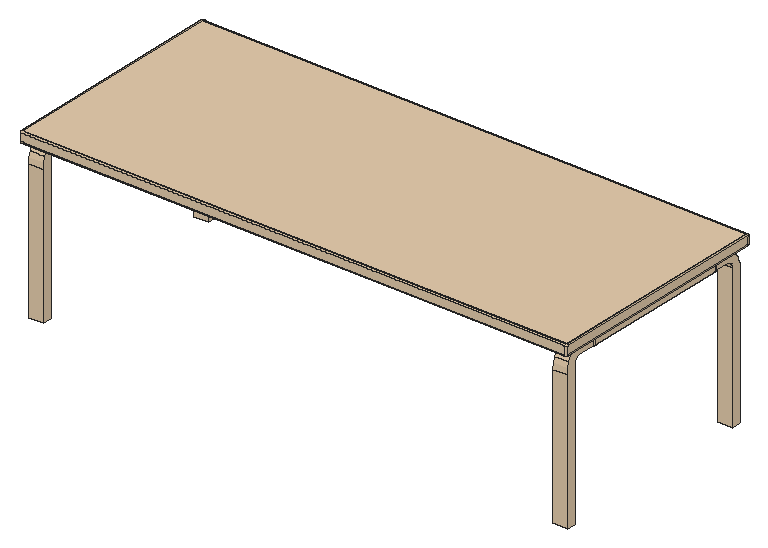
Revit family "Artek_Tables_Aalto Table rectangular_Aalto Table rectangular 86A", category Furniture, Revit 2017
Family settings
  OmniClass Number = 23.40.20.14.17.11
  OmniClass Title = Dining Room Tables
  Work Plane-Based = No
  Always vertical = Yes
  Cut with Voids When Loaded = No
  Shared = No
  Room Calculation Point = No
Parameters (values of type "Aalto Table rectangular 86A Birch")
  WarrantyStartDate [instance] = "n/a"
  WarrantyGuarantorParts = "n/a"
  WarrantyGuarantorLabor = "n/a"
  WarrantyDurationUnit = "n/a"
  WarrantyDurationParts = "n/a"
  WarrantyDurationLabor = "n/a"
  WarrantyDescription = "n/a"
  VersionDate = "03/11/2020"  # constant formula
  Version = "1"  # constant formula
  Uniclass2015Reference = "Pr_40_50_21_22"
  Uniclass2015Description = "Dining tables"
  Uniclass2 = "Pr_40_50_21_21"
  URL = "https://www.artek.fi/en/products/aalto-table-rectangular"
  Type Comments = ""
  TagNumber [instance] = "n/a"
  TableSecondaryMaterial = Natural Birch
  TableMainMaterial = Natural Birch
  SustainabilityPerformance = "n/a"
  Style = "n/a"
  Size = "2400x740x1000 mm"  # constant formula
  Shape = "Sculptured"
  SerialNumber [instance] = "n/a"
  Revision = "n/a"
  ReplacementCost = "n/a"
  ProductInformation = "n/a"
  NominalLength = 2400 mm
  NominalHeight = 740 mm
  NominalDepth = 1000 mm
  Name = "Aalto Table rectangular 86A "  # constant formula
  NBSReference = "45-35-86/327"
  NBSDescription = "Tables"
  ModelReference = "n/a"
  ModelNumber = "28300981"
  Material = "Wood"
  ManufacturerURL = "https://www.artek.fi/"
  ManufacturerName = "Artek"
  Model = "Aalto Table rectangular 86A Birch"
  Manufacturer = "Artek"
  MainColor = "Natural birch"
  InstallationDate [instance] = "n/a"
  IfcExportType = "TABLE"  # constant formula
  IfcExportAs = "IfcFurnishingElementType"  # constant formula
  Grade = "n/a"
  Finish = "n/a"
  Features = "n/a"
  ExpectedLife = "n/a"
  DurationUnit = "n/a"
  Designer = "Alvar Aalto"
  Cost = 0
  ConvergoRefNr = "0190-2009-0016-FI\t\t\r\n"  # constant formula
  Constituents = "n/a"
  Color = MainColor  # "Natural birch"
  CodePerformance = "n/a"
  Barcode [instance] = "n/a"
  AssetIdentifier [instance] = "n/a"
  Category = "Tables"
  Brand = "Artek"
  BIMObjectName = "Artek_Tables_Aalto Table rectangular_Aalto Table rectangular 86A\r\n"  # constant formula
  Author = "Convergo AB"  # constant formula
  AssetType = "Movable"
  AccessibilityPerformance = "n/a"
Types (6, lengths in mm): name | TableSecondaryMaterial | TableMainMaterial | ModelNumber | Model | MainColor | Color
  (no name) | Natural Birch | Natural Birch | "28300981" | "Aalto Table rectangular 86A Birch" | "Natural birch" | "Natural birch"
  Aalto Table rectangular 86A Birch | Natural Birch | Natural Birch | "28300981" | "Aalto Table rectangular 86A Birch" | "Natural birch" | "Natural birch"
  Aalto Table rectangular 86A White laminate | Natural Birch | White Laminate | "28300982" | "Aalto Table rectangular 86A White laminate" | "Natural birch" | "Natural birch"
  Aalto Table rectangular 86A Black linoleum | Natural Birch | Black Linoleum | "28300983" | "Aalto Table rectangular 86A Black linoleum" | "Natural birch" | "Natural birch"
  Aalto Table rectangular 86A Linoleum black leg black | Black Linoleum | Black Linoleum | "28300984" | "Aalto Table rectangular 86A Linoleum black leg black" | "Black" | "Black"
  Aalto Table rectangular 86A White HPL leg white | White Laminate | White Laminate | "28300985" | "Aalto Table rectangular 86A White HPL leg white" | "White" | "White"
Reference planes
  plane 1 "Center (Front/Back)": y = 0
  plane 2: z = 0
  plane 3 "Center (Left/Right)": x = 0
  plane 4: x = -1200
  plane 5: x = 1200
  plane 6: y = -500
  plane 7: y = 500
  plane 8: z = 740
Dimensions and locks
  equal spacing: plane 4, plane 3 "Center (Left/Right)", plane 5
  "NominalLength": plane 4 to plane 5
  equal spacing: plane 7, plane 1 "Center (Front/Back)", plane 6
  "NominalDepth": plane 7 to plane 6
  "NominalHeight": plane 8 to level
  aligned and locked: level to plane 2
Nested families
  nested 1: "86A" at (0, 0, 0), Material 1 <- "TableMainMaterial", Material 2 <- "TableSecondaryMaterial", type "86A"
    with Material 2 Natural Birch, Material 1 Natural Birch
Definition of nested family "86A"
  Parameters (values of type "86A")
    Material 2 [instance] = none
    Material 1 [instance] = none
  Reference planes
    plane 1 "Center (Front/Back)": y = 0
    plane 2: z = 0
    plane 3 "Center (Left/Right)": x = 0
    plane 4: x = -1200
    plane 5: x = 1200
    plane 6: z = 740
    plane 7: z = 693
    plane 8: y = 500
    plane 9: y = -500
  Forms (mm)
    Extrusion 1, solid, material <- "Material 2", detail levels medium+fine
      sketch origin (0, 0, 0) x (1, 0, 0) y (0, 1, 0)
        loop
          arc (-1194, 500) -> (-1198.243, 498.243) -> (-1200, 494) r 6
          line (-1200, 494) -> (-1200, -494)
          arc (-1200, -494) -> (-1198.243, -498.243) -> (-1194, -500) r 6
          line (-1194, -500) -> (1194, -500)
          arc (1194, -500) -> (1198.243, -498.243) -> (1200, -494) r 6
          line (1200, -494) -> (1200, 494)
          arc (1200, 494) -> (1198.243, 498.243) -> (1194, 500) r 6
          line (1194, 500) -> (-1194, 500)
        loop
          line (-1194, 494) -> (-1194, -494) -> (1194, -494) -> (1194, 494) -> (-1194, 494)
      from 693 to 740
    Extrusion 2, solid, material <- "Material 1", detail levels coarse
      sketch origin (0, 0, 0) x (1, 0, 0) y (0, 1, 0)
        loop
          line (-1200, 500) -> (-1200, -500) -> (1200, -500) -> (1200, 500) -> (-1200, 500)
      from 0 to 740
    Sweep 3, void
      path in 3D
        loop
          arc (-1194, 500, 740) -> (-1198.243, 498.243, 740) -> (-1200, 494, 740) r 6
          line (-1200, 494, 740) -> (-1200, -494, 740)
          arc (-1200, -494, 740) -> (-1198.243, -498.243, 740) -> (-1194, -500, 740) r 6
          line (-1194, -500, 740) -> (1194, -500, 740)
          arc (1194, -500, 740) -> (1198.243, -498.243, 740) -> (1200, -494, 740) r 6
          line (1200, -494, 740) -> (1200, 494, 740)
          arc (1200, 494, 740) -> (1198.243, 498.243, 740) -> (1194, 500, 740) r 6
          line (1194, 500, 740) -> (-1194, 500, 740)
      profile origin (0, 500, 740) x (0, -1, 0) y (0, 0, 1)
        loop
          line (0, 0) -> (0, -5)
          arc (0, -5) -> (1.464, -1.464) -> (5, 0) r 5
          line (5, 0) -> (0, 0)
        loop
          line (0, -47) -> (5, -47)
          arc (5, -47) -> (1.464, -45.536) -> (0, -42) r 5
          line (0, -42) -> (0, -47)
    Extrusion 4, solid, material <- "Material 2", detail levels medium+fine
      sketch origin (-1144.5, 142, 0) x (0, 1, 0) y (0, 0, 1)
        loop
          line (183.1, 693) -> (183.1, 658) -> (261, 658)
          arc (261, 658) -> (282.213, 649.213) -> (291, 628) r 30
          line (291, 628) -> (291, 0) -> (330, 0) -> (330, 603.2)
          arc (330, 603.2) -> (327.859, 627.672) -> (321.5, 651.4) r 140.911
          arc (321.5, 651.4) -> (301.996, 679.039) -> (271.183, 693) r 64.479
          line (271.183, 693) -> (183.1, 693)
      from -37.5 to 26.5
    Extrusion 5, solid, material <- "Material 2", detail levels medium+fine
      sketch origin (0, 0, 0) x (1, 0, 0) y (0, 1, 0)
        loop
          line (1158, -334) -> (1184.5, -334)
          arc (1184.5, -334) -> (1188.389, -332.389) -> (1190, -328.5) r 5.5
          line (1190, -328.5) -> (1190, 328.5)
          arc (1190, 328.5) -> (1188.389, 332.389) -> (1184.5, 334) r 5.5
          line (1184.5, 334) -> (1158, 334) -> (1158, -334)
        loop
          line (-1158, -334) -> (-1158, 334.001) -> (-1184.5, 334.001)
          arc (-1184.5, 334.001) -> (-1188.389, 332.39) -> (-1190, 328.501) r 5.5
          line (-1190, 328.501) -> (-1190, -328.5)
          arc (-1190, -328.5) -> (-1188.389, -332.389) -> (-1184.5, -334) r 5.5
          line (-1184.5, -334) -> (-1158, -334)
      from 661 to 693
    Sweep 6, void
      path in 3D
        loop
          line (1158, 334, 661) -> (1184.5, 334, 661)
          arc (1184.5, 334, 661) -> (1188.389, 332.389, 661) -> (1190, 328.5, 661) r 5.5
          line (1190, 328.5, 661) -> (1190, -328.5, 661)
          arc (1190, -328.5, 661) -> (1188.389, -332.389, 661) -> (1184.5, -334, 661) r 5.5
          line (1184.5, -334, 661) -> (1158, -334, 661)
      profile origin (1190, 0, 661) x (-1, 0, 0) y (0, 0, -1)
        loop
          line (0, 0) -> (0, -2)
          arc (0, -2) -> (0.586, -0.586) -> (2, 0) r 2
          line (2, 0) -> (0, 0)
    Sweep 7, void
      path in 3D
        loop
          line (-1158, -334, 661) -> (-1184.5, -334, 661)
          arc (-1184.5, -334, 661) -> (-1188.389, -332.389, 661) -> (-1190, -328.5, 661) r 5.5
          line (-1190, -328.5, 661) -> (-1190, 328.501, 661)
          arc (-1190, 328.501, 661) -> (-1188.389, 332.39, 661) -> (-1184.5, 334.001, 661) r 5.5
          line (-1184.5, 334.001, 661) -> (-1158, 334.001, 661)
      profile origin (-1190, 0.001, 661) x (1, 0, 0) y (0, 0, -1)
        loop
          line (0, 0) -> (0, -2)
          arc (0, -2) -> (0.586, -0.586) -> (2, 0) r 2
          line (2, 0) -> (0, 0)
    Extrusion 8, solid, material <- "Material 2", detail levels medium+fine
      sketch origin (0, 0, 0) x (1, 0, 0) y (0, 1, 0)
        loop
          line (-1194, -494) -> (1194, -494) -> (1194, 494) -> (-1194, 494) -> (-1194, -494)
      from 693 to 740
    Extrusion 9, solid, material <- "Material 2", detail levels medium+fine
      sketch origin (-1144.5, -142, 0) x (0, -1, 0) y (0, 0, -1)
        loop
          line (183.1, -693) -> (271.183, -693)
          arc (271.183, -693) -> (301.996, -679.039) -> (321.5, -651.4) r 64.479
          arc (321.5, -651.4) -> (327.859, -627.672) -> (330, -603.2) r 140.911
          line (330, -603.2) -> (330, 0) -> (291, 0) -> (291, -628)
          arc (291, -628) -> (282.213, -649.213) -> (261, -658) r 30
          line (261, -658) -> (183.1, -658) -> (183.1, -693)
      from -37.5 to 26.5
    Extrusion 10, solid, material <- "Material 2", detail levels medium+fine
      sketch origin (1144.5, 142, 0) x (0, 1, 0) y (0, 0, -1)
        loop
          line (183.1, -693) -> (271.183, -693)
          arc (271.183, -693) -> (301.996, -679.039) -> (321.5, -651.4) r 64.479
          arc (321.5, -651.4) -> (327.859, -627.672) -> (330, -603.2) r 140.911
          line (330, -603.2) -> (330, 0) -> (291, 0) -> (291, -628)
          arc (291, -628) -> (282.213, -649.213) -> (261, -658) r 30
          line (261, -658) -> (183.1, -658) -> (183.1, -693)
      from -37.5 to 26.5
    Extrusion 11, solid, material <- "Material 2", detail levels medium+fine
      sketch origin (1144.5, -142, 0) x (0, -1, 0) y (0, 0, 1)
        loop
          line (183.1, 693) -> (183.1, 658) -> (261, 658)
          arc (261, 658) -> (282.213, 649.213) -> (291, 628) r 30
          line (291, 628) -> (291, 0) -> (330, 0) -> (330, 603.2)
          arc (330, 603.2) -> (327.859, 627.672) -> (321.5, 651.4) r 140.911
          arc (321.5, 651.4) -> (301.996, 679.039) -> (271.183, 693) r 64.479
          line (271.183, 693) -> (183.1, 693)
      from -37.5 to 26.5
  Cuts and joins
    Sweep 6, Sweep 7 cuts Extrusion 5
    Sweep 3 cuts Extrusion 1
  Lines and regions (mm)
    symbolic lines, detail levels medium+fine
      curve 1: line (0, 500, 0) -> (-1195, 500, 0)
      curve 2: line (-1200, 495, 0) -> (-1200, -495, 0)
      curve 3: line (-1195, -500, 0) -> (0, -500, 0)
      curve 4: arc (-1195, 500, 0) -> (-1198.536, 498.536, 0) -> (-1200, 495, 0) r 5
      curve 5: arc (-1200, -495, 0) -> (-1198.536, -498.536, 0) -> (-1195, -500, 0) r 5
      curve 6: line (0, 500, 0) -> (1195, 500, 0)
      curve 7: line (1200, 495, 0) -> (1200, -495, 0)
      curve 8: line (1195, -500, 0) -> (0, -500, 0)
      curve 9: arc (1195, 500, 0) -> (1198.536, 498.536, 0) -> (1200, 495, 0) r 5
      curve 10: arc (1200, -495, 0) -> (1198.536, -498.536, 0) -> (1195, -500, 0) r 5
      curve 11: line (0, 0, 740) -> (-1195, 0, 740)
      curve 12: line (-1200, 0, 735) -> (-1200, 0, 698)
      curve 13: line (-1195, 0, 693) -> (-1190, 0, 693)
      curve 14: line (-1118, 0, 693) -> (-1118, 0, 0)
      curve 15: line (-1118, 0, 0) -> (-1182, 0, 0)
      curve 16: line (-1182, 0, 0) -> (-1182, 0, 661)
      curve 17: line (-1182, 0, 661) -> (-1188, 0, 661)
      curve 21: line (-1118, 0, 693) -> (0, 0, 693)
      curve 22: line (0, -495, 740) -> (0, 495, 740)
      curve 23: line (0, 500, 735) -> (0, 500, 698)
      curve 24: line (0, 495, 693) -> (0, 413.183, 693)
      curve 33: arc (0, 495, 740) -> (0, 498.536, 738.536) -> (0, 500, 735) r 5
      curve 34: arc (0, 500, 698) -> (0, 498.536, 694.464) -> (0, 495, 693) r 5
      curve 35: arc (-1195, 0, 740) -> (-1198.536, 0, 738.536) -> (-1200, 0, 735) r 5
      curve 36: arc (-1200, 0, 698) -> (-1198.536, 0, 694.464) -> (-1195, 0, 693) r 5
      curve 37: line (0, 472, 603.2) -> (0, 472, 0)
      curve 38: line (0, 472, 0) -> (0, 433, 0)
      curve 39: line (0, 433, 0) -> (0, 433, 628)
      curve 40: line (0, 403, 658) -> (0, 325.1, 658)
      curve 41: line (0, 325.1, 658) -> (0, 325.1, 661)
      curve 45: line (0, -325.1, 661) -> (0, 325.1, 661)
      curve 46: line (-1190, 0, 663) -> (-1190, 0, 693)
      curve 47: arc (-1188, 0, 661) -> (-1189.414, 0, 661.586) -> (-1190, 0, 663) r 2
      curve 54: line (0, 0, 740) -> (1195, 0, 740)
      curve 55: line (1118, 0, 693) -> (0, 0, 693)
      curve 61: line (1200, 0, 735) -> (1200, 0, 698)
      curve 62: line (1195, 0, 693) -> (1190, 0, 693)
      curve 63: line (1118, 0, 693) -> (1118, 0, 0)
      curve 64: line (1118, 0, 0) -> (1182, 0, 0)
      curve 65: line (1182, 0, 0) -> (1182, 0, 661)
      curve 66: line (1182, 0, 661) -> (1188, 0, 661)
      curve 70: arc (1195, 0, 740) -> (1198.536, 0, 738.536) -> (1200, 0, 735) r 5
      curve 71: arc (1200, 0, 698) -> (1198.536, 0, 694.464) -> (1195, 0, 693) r 5
      curve 72: line (1190, 0, 663) -> (1190, 0, 693)
      curve 73: arc (1188, 0, 661) -> (1189.414, 0, 661.586) -> (1190, 0, 663) r 2
      curve 74: arc (0, 463.5, 651.4) -> (0, 469.859, 627.672) -> (0, 472, 603.2) r 140.911
      curve 75: arc (0, 413.183, 693) -> (0, 443.996, 679.039) -> (0, 463.5, 651.4) r 64.479
      curve 76: arc (0, 433, 628) -> (0, 424.213, 649.213) -> (0, 403, 658) r 30
      curve 77: line (0, -500, 735) -> (0, -500, 698)
      curve 78: line (0, -495, 693) -> (0, -413.183, 693)
      curve 79: arc (0, -495, 740) -> (0, -498.536, 738.536) -> (0, -500, 735) r 5
      curve 80: arc (0, -500, 698) -> (0, -498.536, 694.464) -> (0, -495, 693) r 5
      curve 81: line (0, -472, 603.2) -> (0, -472, 0)
      curve 82: line (0, -472, 0) -> (0, -433, 0)
      curve 83: line (0, -433, 0) -> (0, -433, 628)
      curve 84: line (0, -403, 658) -> (0, -325.1, 658)
      curve 85: line (0, -325.1, 658) -> (0, -325.1, 661)
      curve 89: arc (0, -463.5, 651.4) -> (0, -469.859, 627.672) -> (0, -472, 603.2) r 140.911
      curve 90: arc (0, -413.183, 693) -> (0, -443.996, 679.039) -> (0, -463.5, 651.4) r 64.479
      curve 91: arc (0, -433, 628) -> (0, -424.213, 649.213) -> (0, -403, 658) r 30
    symbolic lines, detail levels fine
      curve 18: line (-1182, 0, 661) -> (-1182, 0, 693)
      curve 19: line (-1190, 0, 693) -> (-1182, 0, 693)
      curve 20: line (-1182, 0, 693) -> (-1118, 0, 693)
      curve 42: line (0, -413.183, 693) -> (0, 413.183, 693)
      curve 43: line (0, 334.001, 663) -> (0, 334.001, 693)
      curve 44: line (0, 325.1, 661) -> (0, 332.001, 661)
      curve 53: arc (0, 334.001, 663) -> (0, 333.415, 661.586) -> (0, 332.001, 661) r 2
      curve 67: line (1182, 0, 661) -> (1182, 0, 693)
      curve 68: line (1190, 0, 693) -> (1182, 0, 693)
      curve 69: line (1182, 0, 693) -> (1118, 0, 693)
      curve 86: line (0, -334, 663) -> (0, -334, 693)
      curve 87: line (0, -325.1, 661) -> (0, -332, 661)
      curve 88: arc (0, -334, 663) -> (0, -333.414, 661.586) -> (0, -332, 661) r 2
    sketch lines
      curve 25: line (1194, 500, 740) -> (-1194, 500, 740)
      curve 26: arc (-1200, 494, 740) -> (-1198.243, 498.243, 740) -> (-1194, 500, 740) r 6
      curve 27: line (-1200, 494, 740) -> (-1200, -494, 740)
      curve 28: arc (-1194, -500, 740) -> (-1198.243, -498.243, 740) -> (-1200, -494, 740) r 6
      curve 29: line (-1194, -500, 740) -> (1194, -500, 740)
      curve 30: arc (1194, 500, 740) -> (1198.243, 498.243, 740) -> (1200, 494, 740) r 6
      curve 31: line (1200, -494, 740) -> (1200, 494, 740)
      curve 32: arc (1200, -494, 740) -> (1198.243, -498.243, 740) -> (1194, -500, 740) r 6
      curve 48: line (1190, 328.5, 661) -> (1190, -328.5, 661)
      curve 49: arc (1190, 328.5, 661) -> (1188.389, 332.389, 661) -> (1184.5, 334, 661) r 5.5
      curve 50: line (1158, 334, 661) -> (1184.5, 334, 661)
      curve 51: arc (1184.5, -334, 661) -> (1188.389, -332.389, 661) -> (1190, -328.5, 661) r 5.5
      curve 52: line (1184.5, -334, 661) -> (1158, -334, 661)
      curve 56: line (-1190, -328.5, 661) -> (-1190, 328.501, 661)
      curve 57: arc (-1184.5, 334.001, 661) -> (-1188.389, 332.39, 661) -> (-1190, 328.501, 661) r 5.5
      curve 58: line (-1184.5, 334.001, 661) -> (-1158, 334.001, 661)
      curve 59: arc (-1190, -328.5, 661) -> (-1188.389, -332.389, 661) -> (-1184.5, -334, 661) r 5.5
      curve 60: line (-1158, -334, 661) -> (-1184.5, -334, 661)
  Dimensions and locks
    plane 6 to level = 740 mm
    aligned and locked: level to plane 2
